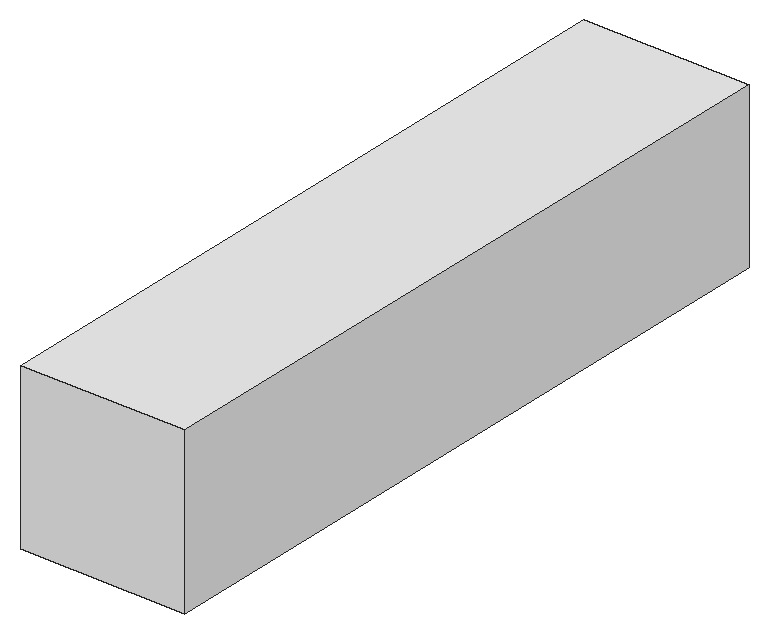
Revit family "Sanitary_Accessories_57108-PRESTO-Linea-Wall-mounted-sensor-mixer-FR", category Pipe Accessories, Revit 2018
Family settings
  Round Connector Dimension = Use Diameter
  Part Type = Normal
  Work Plane-Based = No
  Always vertical = Yes
  Cut with Voids When Loaded = No
  Shared = No
Parameters (values of type "57108 PRESTO Linea  - Mitigeur électronique mural pour lavabo")
  Youtube clip = ""
  Weight Net (Kg) = ""
  Uniformat II Description = ""
  Uniformat II Code = ""
  Uniclass 2015 Name = ""
  Uniclass 2015 Code = ""
  Uniclass 2.0 Description = ""
  Uniclass 2.0 Code = ""
  Uniclass 1.4 Description = ""
  Uniclass 1.4 Code = ""
  URL du produit = "http://www.prestodatashare.com/centretelechargement/index.php?lang=FR&refs=57108"
  URL = "http://www.presto.fr"
  UNSPSC Code = ""
  Technical description = "http://www.prestodatashare.com/espacedoc/Fiches_Techniques/GB/57108.pdf"
  Region South America = ""
  Region Oceania = ""
  Region North America = ""
  Region Middle East = ""
  Region Europe = ""
  Region Asia = ""
  Region Antarctica = ""
  Region Africa = ""
  Raccordement = "Alimentation hydraulique : Flexibles G 3/8'' (12x17)\r\nAlimentation électrique basse tension (12-24V AC/DC) dans boîtier externe IP65 étanche (transformateur 230V AC / 12-24V AC/DC ou autre non fourni)\r\nCompatible avec transformateur 230 V AC / 12 V AC non fourni. (Voir Réf. 90464 / 90711/ 90610 / 90685 / 90704 / 90686)"  # constant formula
  QR code = "https://www.bimobject.com/presto/product/pre-linea-57108"
  Profondeur = 257.5 mm  # constant formula
  Product url = "http://www.prestodatashare.com/centretelechargement/index.php?lang=GB&refs=57108"
  Product name = "57108 PRESTO Linea - Wall-mounted sensor mixer"
  Product group = "Washbasin"
  Product family = "Sanitary"
  Product data url = "https://www.bimobject.com/presto/product/pre-linea-57108"
  Product certification = ""
  Product SKU = "PRE-LINEA-57108"
  Product Guid = "7f40703f-0c6d-4d7c-8d52-34c524c1a25e"
  Pression [instance] = "1 à 5 bars"  # constant formula
  Perte de charge [instance] = 5.00 bar
  OmniClass Description = ""
  OmniClass Code = ""
  NBS Reference Description = ""
  NBS Reference Code = ""
  Model = "57108"
  Matériau [instance] = Corps en laiton chromé, intérieur lisse
  Masterformat 2014 Description = ""
  Masterformat 2014 Code = ""
  Manufacturer name = "Presto"
  Manufacturer country = ""
  Manufacturer = "LES ROBINETS PRESTO S.A."  # constant formula
  Lien notice d'utilisation = "http://www.prestodatashare.com/centretelechargement/support.php?ref=57108&lang=FR"
  Lien fiche produit = "http://www.prestodatashare.com/espacedoc/Fiches_Techniques/FR/57108.pdf"
  Lien CCTP = "http://www.prestodatashare.com/centretelechargement/index.php?lang=FR&refs=57108"
  Largeur = 60 mm  # constant formula
  Installation instructions = "http://www.prestodatashare.com/centretelechargement/support.php?ref=57108&lang=GB"
  IFC Classification = ""
  Hauteur = 60 mm  # constant formula
  Garantie = "10 ans"  # constant formula
  Fonction = "Débit : 1,9 l/mn par régulateur de débit intégré\r\nAérateur anti-tartre haute qualité\r\n"  # constant formula
  Flux = 1.9 L/min
  Edition number = 1
  EAN code = ""
  Diamètre Nominal = 9.5 mm  # constant formula
  Design country = ""
  Description = "Traversée de cloison, 12-24V, 1,9l/min sans robinets d'arrêt\r\nDéclenchement sans contact adapté PMR"  # constant formula
  Date of publishing = ""
  COBIe Type Category = ""
  Brand url = ""
  BIMobject category = "Sanitary Accessories"
  Adresse = "7, RUE RACINE - 92542 MONTROUGE CEDEX FRANCE"  # constant formula
Reference planes
  plane 1 "Center (Front/Back)": y = 0
  plane 2: z = 0
  plane 3 "Center (Left/Right)": x = 0
  plane 4: x = -30
  plane 5: x = 30
  plane 6: y = -257.5
  plane 7: z = 60
Forms (mm)
  Extrusion 1, solid, material "Corps en laiton chromé, intérieur lisse" <- "Matériau", detail levels fine
    sketch origin (0, 0, 0) x (1, 0, 0) y (0, 1, 0)
      loop
        line (-30, 0) -> (-30, -257.5) -> (30, -257.5) -> (30, 0) -> (-30, 0)
    from 0 to 60
Lines and regions (mm)
  symbolic lines
    curve 1: line (-30, 0, 0) -> (30, 0, 0)
    curve 2: line (30, 0, 0) -> (-30, -257.5, 0)
    curve 3: line (-30, -257.5, 0) -> (30, -257.5, 0)
    curve 4: line (30, -257.5, 0) -> (-30, 0, 0)
  model lines, detail levels coarse+medium
    curve 5: line (-30, -257.5, 30) -> (30, -257.5, 30)
    curve 6: line (30, -257.5, 30) -> (-30, 0, 30)
    curve 7: line (-30, 0, 30) -> (30, 0, 30)
    curve 8: line (30, 0, 30) -> (-30, -257.5, 30)
Dimensions and locks
  equal spacing: plane 4, plane 3 "Center (Left/Right)", plane 5
  "Largeur": plane 4 to plane 5
  "Hauteur": plane 7 to level
  "Profondeur": plane 6 to plane 1 "Center (Front/Back)"
  aligned and locked: plane 2 to level
  aligned and locked: Extrusion 1 sketch curve to plane 4
  aligned and locked: plane 5 to Extrusion 1 sketch curve
  aligned and locked: Extrusion 1 sketch curve to plane 6
  aligned and locked: plane 7 to Extrusion 1
  aligned and locked: Extrusion 1 to plane 1 "Center (Front/Back)"
  aligned and locked: plane 6 to Extrusion 1
  aligned and locked: plane 4 to curve 4
  aligned and locked: curve 3 to plane 4
  aligned and locked: plane 5 to curve 2
  aligned and locked: plane 5 to curve 4
  aligned and locked: plane 6 to curve 4
  aligned and locked: plane 6 to curve 3
  aligned and locked: plane 1 "Center (Front/Back)" to curve 4
  aligned and locked: plane 1 "Center (Front/Back)" to curve 2
Automatic sketch dimensions
  plane 1 "Center (Front/Back)" to Extrusion 1 sketch curve = 0 mm
  curve 8 to plane 4 = 0 mm
  plane 1 "Center (Front/Back)" to curve 7 = 0 mm
  curve 7 to plane 4 = 0 mm
  curve 7 to plane 5 = 0 mm
  curve 6 to plane 5 = 0 mm
  plane 6 to curve 5 = 0 mm
Connectors
  piping at (0, 0, 30), diameter 9.5, driven by "Diamètre Nominal", driven by "Flux", driven by "Perte de charge"
    settings: on Extrusion 1, index 1, connector inside diameter 24", connector length 0 mm, flow factor 0, pipe flow 1.9 L/min, pressure drop 5.00 bar, fitting loss kfactor 0, connector angle 0.00°, fixture units 0, engagement length 0 mm, angle of deflection 0.00°, flow configuration 0, flow direction 1, fitting loss method 4, system type 20, joint type 0, gender type 0, connector reference index -1, connector utility 0, adjustable connector no, is connector primary yes, connector description "Water input"
